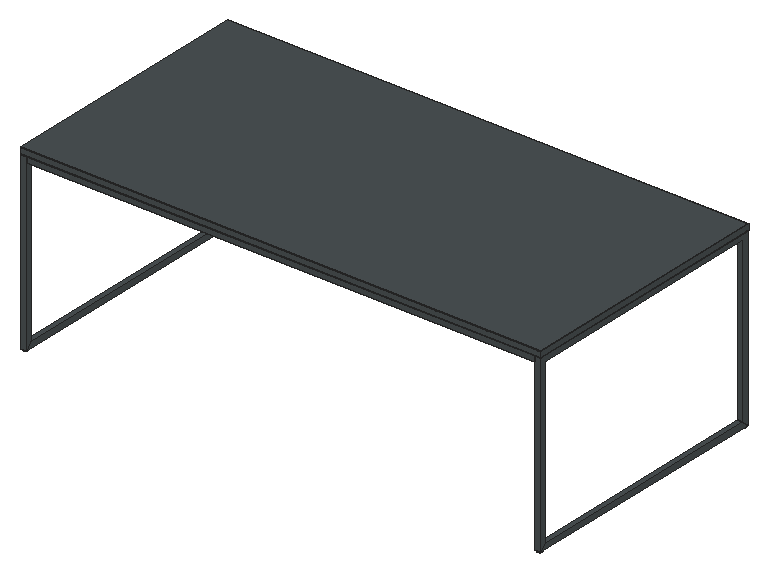
Revit family "Haworth_Fronzoni64_Table", category Furniture, Revit 2018
Family settings
  OmniClass Number = 23.40.70.14.64.21
  OmniClass Title = Systems Furniture
  Work Plane-Based = No
  Always vertical = Yes
  Cut with Voids When Loaded = No
  Shared = No
  Room Calculation Point = No
Parameters (values of type "HZZE-FZHR - High Rectangle")
  Warranty = "http://www.haworth.com/resources/product-info/warranties"
  Table Finish [instance] = Haworth _ Paint _ Collection Anthracite
  Product Page URL = "http://www.haworth.com/products/tables/collaborative/fronzoni-'64"
  Leg Thickness = 13/16"  # constant formula
  Model = "HZZE-FZHR"
  URL = "http://www.haworth.com/our-brands/haworth-collection"
  Size = "Verify Final Dim. w/ Haworth"  # constant formula
  Revision Number = "4"  # constant formula
  Manufacturer = "Haworth"  # constant formula
  Low Square = no
  High Rectangle = yes
  High Square = not(or(Low Square, High Rectangle))  # no
  Glide Offset = 13/32"  # constant formula
  Glide Height = 1/8"  # constant formula
  Description = "Haworth Fronzoni '64 Table - High Rectangle"
  Chamfer = 1/16"  # constant formula
  Author = "Haworth (Hampton)"  # constant formula
  Assembly Code = "E2020200"
  Actual Width = if(High Rectangle, 78 3/4", 39 1/4")  # 78 3/4"
  Actual Height = if(Low Square, 11 3/4", 27 1/2")  # 27 1/2"
  Table Top Thickness = 1"  # constant formula
  Actual Depth = 39 1/4"  # constant formula
Types (4): name | Model | Low Square | High Rectangle | High Square | Description | Actual Width | Actual Height
  (no name) | "HZZE-FZHR" | no | yes | no | "Haworth Fronzoni '64 Table - High Rectangle" | 78 3/4" | 27 1/2"
  HZZE-FZHR - High Rectangle | "HZZE-FZHR" | no | yes | no | "Haworth Fronzoni '64 Table - High Rectangle" | 78 3/4" | 27 1/2"
  HZZE-FZHQ - High Square | "HZZE-FZHQ" | no | no | yes | "Haworth Fronzoni '64 Table - High Square" | 39 1/4" | 27 1/2"
  HZZE-FZLQ - Low Square | "HZZE-FZLQ" | yes | no | no | "Haworth Fronzoni '64 Table - Low Square" | 39 1/4" | 11 3/4"
Reference planes (in)
  plane 1 "Center F/B": y = -0.15866
  plane 2 "Floor": z = 0
  plane 3 "Center L/R": x = 0
  plane 4 "Table Edge Left": x = -39.375
  plane 5 "Table Edge Right": x = 39.375
  plane 6 "Table Edge Back": y = -19.78366
  plane 7 "Table Edge Front": y = 19.46634
  plane 8 "Table Top Top": z = 27.5
  plane 9 "Left Support Location": x = -38.5625
  plane 10 "Back Support Location": y = 18.65384
  plane 11 "Front Support Location": y = -18.97116
  plane 12 "Right Support Location": x = 38.5625
  plane 13 "Table Top Bottom": z = 26.5
  plane 14 "Glide Top": z = 0.125
  plane 15 "Frame Top Bottom": z = 25.6875
  plane 16 "Frame Bottom Top": z = 0.9375
  plane 17 "Glide Left": x = -38.96875
  plane 18 "Glide Right": x = 38.96875
  plane 19 "Glide Back": y = 19.06009
  plane 20 "Glide Front": y = -19.37741
  plane 21 "Chamfer Top": z = 27.4375
  plane 22 "Chamfer Bottom": z = 26.5625
  plane 23 "Chamfer Left": x = -39.4375
  plane 24 "Chamfer Right": x = 39.4375
  plane 25 "Chamfer Front": y = -19.84616
  plane 26 "Chamfer Back": y = 19.52884
Forms (in)
  Extrusion 1, solid, material "Haworth _ Paint _ Collection Anthracite" <- "Table Finish"
    sketch origin (0, 0, 0) x (1, 0, 0) y (0, 1, 0)
      loop
        line (-39.4375, 19.52884) -> (-39.4375, -19.84616) -> (39.4375, -19.84616) -> (39.4375, 19.52884) -> (-39.4375, 19.52884)
    from 27.4375 to 26.5625
  Extrusion 2, solid, material "Haworth _ Paint _ Collection Anthracite" <- "Table Finish"
    sketch origin (38.5625, 0, 0) x (0, 1, 0) y (0, 0, 1)
      loop
        line (-18.97116, 0.9375) -> (-18.97116, 25.6875) -> (18.65384, 25.6875) -> (18.65384, 0.9375) -> (19.46634, 0.125) -> (19.46634, 26.5) -> (-19.78366, 26.5) -> (-19.78366, 0.125) -> (-18.97116, 0.9375)
    from -77.9375 to -77.125
  Extrusion 3, solid, material "Haworth _ Paint _ Collection Anthracite" <- "Table Finish"
    sketch origin (38.5625, 0, 0) x (0, 1, 0) y (0, 0, 1)
      loop
        line (-18.97116, 0.9375) -> (-19.78366, 0.125) -> (19.46634, 0.125) -> (18.65384, 0.9375) -> (-18.97116, 0.9375)
    from -77.9375 to -77.125
  Extrusion 4, solid, material "Haworth _ Paint _ Collection Anthracite" <- "Table Finish"
    sketch origin (-38.5625, 0, 0) x (0, 1, 0) y (0, 0, -1)
      loop
        line (-18.97116, -0.9375) -> (-19.78366, -0.125) -> (-19.78366, -26.5) -> (19.46634, -26.5) -> (19.46634, -0.125) -> (18.65384, -0.9375) -> (18.65384, -25.6875) -> (-18.97116, -25.6875) -> (-18.97116, -0.9375)
    from -77.9375 to -77.125
  Extrusion 5, solid, material "Haworth _ Paint _ Collection Anthracite" <- "Table Finish"
    sketch origin (-38.5625, 0, 0) x (0, 1, 0) y (0, 0, -1)
      loop
        line (-18.97116, -0.9375) -> (18.65384, -0.9375) -> (19.46634, -0.125) -> (-19.78366, -0.125) -> (-18.97116, -0.9375)
    from -77.9375 to -77.125
  Blend 6, solid, material "Haworth _ Paint _ Collection Anthracite" <- "Table Finish"
    base sketch origin (0, 0, 0) x (1, 0, 0) y (0, 1, 0)
      loop
        line (-39.4375, 19.52884) -> (-39.4375, -19.84616) -> (39.4375, -19.84616) -> (39.4375, 19.52884) -> (-39.4375, 19.52884)
    top sketch origin (0, 0, 0) x (1, 0, 0) y (0, 1, 0)
      loop
        line (-39.375, 19.46634) -> (-39.375, -19.78366) -> (39.375, -19.78366) -> (39.375, 19.46634) -> (-39.375, 19.46634)
    from 27.4375 to 27.5
  Blend 7, solid, material "Haworth _ Paint _ Collection Anthracite" <- "Table Finish"
    base sketch origin (0, 0, 0) x (1, 0, 0) y (0, 1, 0)
      loop
        line (-39.375, 19.46634) -> (-39.375, -19.78366) -> (39.375, -19.78366) -> (39.375, 19.46634) -> (-39.375, 19.46634)
    top sketch origin (0, 0, 0) x (1, 0, 0) y (0, 1, 0)
      loop
        line (-39.4375, 19.52884) -> (-39.4375, -19.84616) -> (39.4375, -19.84616) -> (39.4375, 19.52884) -> (-39.4375, 19.52884)
    from 26.5 to 26.5625
  Extrusion 8, solid, material "Haworth _ Paint _ Collection Anthracite" <- "Table Finish"
    sketch origin (0, 0, 0) x (0, 1, 0) y (0, 0, 1)
      loop
        line (-19.78366, 26.5) -> (-19.78366, 25.6875) -> (-18.97116, 25.6875) -> (-18.97116, 26.5) -> (-19.78366, 26.5)
      loop
        line (18.65384, 26.5) -> (18.65384, 25.6875) -> (19.46634, 25.6875) -> (19.46634, 26.5) -> (18.65384, 26.5)
    from -38.5625 to 38.5625
  Extrusion 9, solid, material "Haworth _ Paint _ Collection Anthracite" <- "Table Finish"
    sketch origin (0, 0, 0) x (1, 0, 0) y (0, 1, 0)
      loop
        circle (-38.96875, -19.37741) r 0.375
    from 0 to 0.125
  Extrusion 10, solid, material "Haworth _ Paint _ Collection Anthracite" <- "Table Finish"
    sketch origin (0, 0, 0) x (1, 0, 0) y (0, 1, 0)
      loop
        circle (-38.96875, 19.06009) r 0.375
    from 0 to 0.125
  Extrusion 11, solid, material "Haworth _ Paint _ Collection Anthracite" <- "Table Finish"
    sketch origin (0, 0, 0) x (1, 0, 0) y (0, 1, 0)
      loop
        circle (38.96875, 19.06009) r 0.375
    from 0 to 0.125
  Extrusion 12, solid, material "Haworth _ Paint _ Collection Anthracite" <- "Table Finish"
    sketch origin (0, 0, 0) x (1, 0, 0) y (0, 1, 0)
      loop
        circle (38.96875, -19.37741) r 0.375
    from 0 to 0.125
Lines and regions (in)
  Masking region 1
    outline origin (0, 0, 27) x (0, -1, 0) y (1, 0, 0)
      loop
        line (-19.46634, -39.375) -> (19.78366, -39.375) -> (19.78366, 39.375) -> (-19.46634, 39.375) -> (-19.46634, -39.375)
  symbolic lines, detail levels fine
    curve 1: line (38.5625, 18.65384, 28.70313) -> (-38.5625, 18.65384, 28.70313)
    curve 2: line (-38.5625, 19.46634, 28.70313) -> (-38.5625, -19.78366, 28.70313)
    curve 3: line (-38.5625, -18.97116, 28.70313) -> (38.5625, -18.97116, 28.70313)
    curve 4: line (38.5625, -19.78366, 28.70313) -> (38.5625, 19.46634, 28.70313)
Dimensions and locks (in)
  "Actual Depth": plane 7 "Table Edge Front" to plane 6 "Table Edge Back"
  "Actual Width": plane 4 "Table Edge Left" to plane 5 "Table Edge Right"
  plane 4 "Table Edge Left" to plane 3 "Center L/R" to plane 5 "Table Edge Right" = 39 3/8", 39 3/8"
  equal spacing: plane 7 "Table Edge Front", plane 1 "Center F/B", plane 6 "Table Edge Back"
  "Actual Height": plane 8 "Table Top Top" to level
  "Leg Thickness": plane 4 "Table Edge Left" to plane 9 "Left Support Location"
  "Leg Thickness": plane 12 "Right Support Location" to plane 5 "Table Edge Right"
  "Leg Thickness": plane 11 "Front Support Location" to plane 6 "Table Edge Back"
  "Table Top Thickness": plane 8 "Table Top Top" to plane 13 "Table Top Bottom"
  "Glide Height": plane 14 "Glide Top" to plane 2 "Floor"
  "Leg Thickness": plane 16 "Frame Bottom Top" to plane 14 "Glide Top"
  "Leg Thickness": plane 13 "Table Top Bottom" to plane 15 "Frame Top Bottom"
  "Leg Thickness": plane 7 "Table Edge Front" to plane 10 "Back Support Location"
  "Glide Offset": plane 20 "Glide Front" to plane 6 "Table Edge Back"
  "Glide Offset": plane 7 "Table Edge Front" to plane 19 "Glide Back"
  "Glide Offset": plane 4 "Table Edge Left" to plane 17 "Glide Left"
  "Glide Offset": plane 18 "Glide Right" to plane 5 "Table Edge Right"
  "Chamfer": plane 22 "Chamfer Bottom" to plane 13 "Table Top Bottom"
  "Chamfer": plane 8 "Table Top Top" to plane 21 "Chamfer Top"
  "Chamfer": plane 5 "Table Edge Right" to plane 24 "Chamfer Right"
  "Chamfer": plane 23 "Chamfer Left" to plane 4 "Table Edge Left"
  "Chamfer": plane 26 "Chamfer Back" to plane 7 "Table Edge Front"
  "Chamfer": plane 6 "Table Edge Back" to plane 25 "Chamfer Front"
  aligned: Extrusion 1 to plane 8 "Table Top Top"
  aligned and locked: plane 4 "Table Edge Left" to Masking region 1 sketch curve
  aligned and locked: Masking region 1 sketch curve to plane 7 "Table Edge Front"
  aligned and locked: plane 7 "Table Edge Front" to curve 2
  aligned and locked: plane 9 "Left Support Location" to curve 1
  aligned and locked: plane 9 "Left Support Location" to curve 3
  aligned and locked: plane 6 "Table Edge Back" to curve 2
  aligned and locked: plane 12 "Right Support Location" to curve 3
  aligned and locked: plane 6 "Table Edge Back" to curve 4
  aligned and locked: plane 7 "Table Edge Front" to curve 4
  aligned and locked: plane 12 "Right Support Location" to curve 1
  aligned and locked: plane 13 "Table Top Bottom" to Extrusion 2 sketch curve
  aligned and locked: Extrusion 2 sketch curve to plane 6 "Table Edge Back"
  aligned and locked: plane 11 "Front Support Location" to Extrusion 2 sketch curve
  aligned and locked: Extrusion 2 sketch curve to plane 15 "Frame Top Bottom"
  aligned and locked: Extrusion 2 sketch curve to plane 10 "Back Support Location"
  aligned and locked: plane 7 "Table Edge Front" to Extrusion 2 sketch curve
  aligned and locked: Extrusion 2 to plane 4 "Table Edge Left"
  aligned and locked: plane 9 "Left Support Location" to Extrusion 2
  aligned and locked: plane 14 "Glide Top" to Extrusion 2 sketch curve  (x2)
  aligned and locked: Extrusion 3 sketch curve to plane 14 "Glide Top"
  aligned and locked: Extrusion 3 to plane 4 "Table Edge Left"
  aligned and locked: plane 9 "Left Support Location" to Extrusion 3
  aligned and locked: Extrusion 4 to plane 12 "Right Support Location"
  aligned and locked: Extrusion 5 to plane 12 "Right Support Location"
  aligned and locked: plane 5 "Table Edge Right" to Extrusion 4
  aligned and locked: plane 5 "Table Edge Right" to Extrusion 5
  aligned and locked: plane 6 "Table Edge Back" to Extrusion 5 sketch curve
  aligned and locked: plane 14 "Glide Top" to Extrusion 5 sketch curve  (x2)
  aligned and locked: plane 16 "Frame Bottom Top" to Extrusion 5 sketch curve  (x2)
  aligned and locked: plane 11 "Front Support Location" to Extrusion 5 sketch curve
  aligned and locked: plane 10 "Back Support Location" to Extrusion 5 sketch curve
  aligned and locked: plane 7 "Table Edge Front" to Extrusion 5 sketch curve
  aligned and locked: plane 14 "Glide Top" to Extrusion 3 sketch curve
  aligned and locked: plane 7 "Table Edge Front" to Extrusion 3 sketch curve
  aligned and locked: plane 16 "Frame Bottom Top" to Extrusion 3 sketch curve  (x2)
  aligned and locked: plane 10 "Back Support Location" to Extrusion 3 sketch curve
  aligned and locked: plane 11 "Front Support Location" to Extrusion 3 sketch curve
  aligned and locked: plane 6 "Table Edge Back" to Extrusion 3 sketch curve
  aligned and locked: plane 6 "Table Edge Back" to Extrusion 4 sketch curve
  aligned and locked: plane 13 "Table Top Bottom" to Extrusion 4 sketch curve
  aligned and locked: Extrusion 4 sketch curve to plane 15 "Frame Top Bottom"
  aligned and locked: plane 11 "Front Support Location" to Extrusion 4 sketch curve
  aligned and locked: Extrusion 4 sketch curve to plane 10 "Back Support Location"
  aligned and locked: plane 7 "Table Edge Front" to Extrusion 4 sketch curve
  aligned and locked: plane 22 "Chamfer Bottom" to Extrusion 1
  aligned and locked: Extrusion 1 to plane 21 "Chamfer Top"
  aligned and locked: Extrusion 1 to plane 24 "Chamfer Right"
  aligned and locked: Extrusion 1 to plane 25 "Chamfer Front"
  aligned and locked: Extrusion 1 to plane 23 "Chamfer Left"
  aligned and locked: Extrusion 1 to plane 26 "Chamfer Back"
  aligned and locked: plane 23 "Chamfer Left" to Blend 6 sketch curve
  aligned and locked: plane 25 "Chamfer Front" to Blend 6 sketch curve
  aligned and locked: plane 24 "Chamfer Right" to Blend 6 sketch curve
  aligned and locked: plane 26 "Chamfer Back" to Blend 6 sketch curve
  aligned and locked: Blend 6 sketch curve to plane 5 "Table Edge Right"
  aligned and locked: plane 6 "Table Edge Back" to Blend 6 sketch curve
  aligned and locked: plane 4 "Table Edge Left" to Blend 6 sketch curve
  aligned and locked: Blend 6 sketch curve to plane 7 "Table Edge Front"
  aligned and locked: Blend 6 to plane 8 "Table Top Top"
  aligned and locked: plane 21 "Chamfer Top" to Blend 6
  aligned and locked: Blend 7 sketch curve to plane 5 "Table Edge Right"
  aligned and locked: plane 6 "Table Edge Back" to Blend 7 sketch curve
  aligned and locked: plane 4 "Table Edge Left" to Blend 7 sketch curve
  aligned and locked: Blend 7 sketch curve to plane 7 "Table Edge Front"
  aligned and locked: plane 25 "Chamfer Front" to Blend 7 sketch curve
  aligned and locked: plane 24 "Chamfer Right" to Blend 7 sketch curve
  aligned and locked: plane 23 "Chamfer Left" to Blend 7 sketch curve
  aligned and locked: plane 26 "Chamfer Back" to Blend 7 sketch curve
  aligned and locked: Blend 7 to plane 22 "Chamfer Bottom"
  aligned and locked: Blend 7 to plane 13 "Table Top Bottom"
  aligned and locked: Extrusion 8 sketch curve to plane 7 "Table Edge Front"
  aligned and locked: plane 10 "Back Support Location" to Extrusion 8 sketch curve
  aligned and locked: Extrusion 8 sketch curve to plane 13 "Table Top Bottom"  (x2)
  aligned and locked: plane 15 "Frame Top Bottom" to Extrusion 8 sketch curve  (x2)
  aligned and locked: Extrusion 8 sketch curve to plane 11 "Front Support Location"
  aligned and locked: plane 6 "Table Edge Back" to Extrusion 8 sketch curve
  aligned and locked: Extrusion 8 to plane 9 "Left Support Location"
  aligned and locked: plane 12 "Right Support Location" to Extrusion 8
  aligned and locked: Extrusion 9 to level
  aligned and locked: plane 14 "Glide Top" to Extrusion 9
  aligned and locked: plane 14 "Glide Top" to Extrusion 10
  aligned and locked: Extrusion 10 to plane 2 "Floor"
  aligned and locked: Extrusion 11 to plane 2 "Floor"
  aligned and locked: plane 14 "Glide Top" to Extrusion 11
  aligned and locked: Extrusion 12 to plane 2 "Floor"
  aligned and locked: plane 14 "Glide Top" to Extrusion 12
Automatic sketch dimensions
  Extrusion 1 sketch curve to plane 23 "Chamfer Left" = 0"
  Extrusion 1 sketch curve to plane 24 "Chamfer Right" = 0"
  Extrusion 1 sketch curve to plane 25 "Chamfer Front" = 0"
  plane 26 "Chamfer Back" to Extrusion 1 sketch curve = 0"
  Masking region 1 sketch curve to plane 6 "Table Edge Back" = 0"
  Masking region 1 sketch curve to plane 5 "Table Edge Right" = 0"
  curve 1 to plane 10 "Back Support Location" = 0"
  curve 3 to plane 11 "Front Support Location" = 0"
  Extrusion 2 sketch curve to plane 16 "Frame Bottom Top" = 0"  (x2)
  Extrusion 4 sketch curve to plane 16 "Frame Bottom Top" = 0"  (x2)
  Extrusion 4 sketch curve to plane 14 "Glide Top" = 0"  (x2)
  Extrusion 9 sketch curve to plane 17 "Glide Left" = 0"
  plane 20 "Glide Front" to Extrusion 9 sketch curve = 0"
  Extrusion 10 sketch curve to plane 17 "Glide Left" = 0"
  Extrusion 10 sketch curve to plane 19 "Glide Back" = 0"
  Extrusion 11 sketch curve to plane 18 "Glide Right" = 0"
  Extrusion 11 sketch curve to plane 19 "Glide Back" = 0"
  Extrusion 12 sketch curve to plane 18 "Glide Right" = 0"
  plane 20 "Glide Front" to Extrusion 12 sketch curve = 0"
  radius of Extrusion 9 sketch curve = 3/8"
  radius of Extrusion 10 sketch curve = 3/8"
  radius of Extrusion 11 sketch curve = 3/8"
  radius of Extrusion 12 sketch curve = 3/8"
